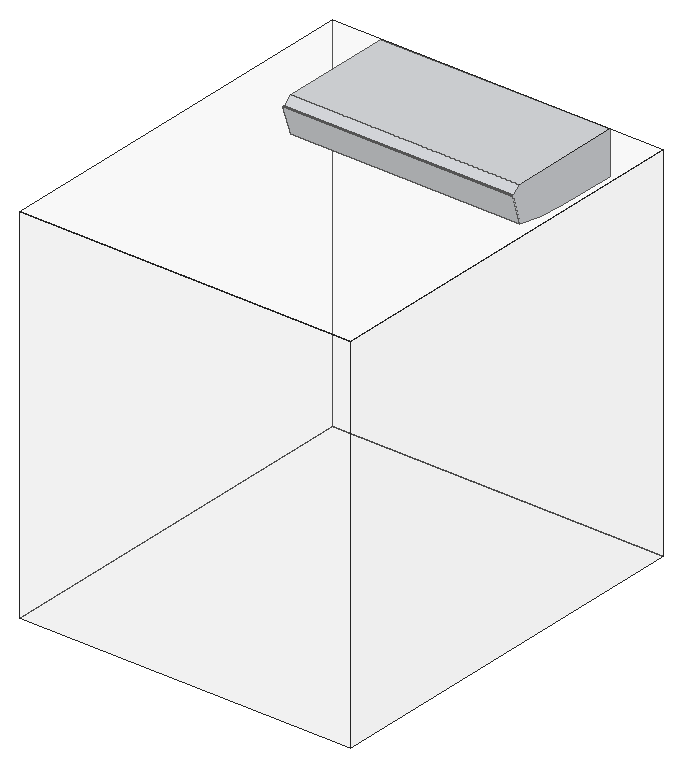
Revit family "pczg-p2_5mka13_60hz", category 機械設備, Revit 2019
Family settings
  丸型コネクタ寸法 = 直径を使用
  パーツ タイプ = 標準
  OmniClass 番号 = 23.75.10.24.21.27.27
  OmniClass タイトル = Split System Air Conditioning Units
  作業面ベース = いいえ
  常に垂直 = はい
  ロード時にボイドで切り取り = いいえ
  共有 = いいえ
  部屋計算ポイント = はい
Parameters (values of type "天吊_PCZG-P2MKA13")
  風量（弱）（m3／min） = 13
  風量（中2）（m3／min） = 14
  風量（中1）（m3／min） = 15
  風量（m3／min） = 17
  風量 = MAX風量  # 1020.0 m³/h
  音響パワーレベル（弱）(dB) = 49
  音響パワーレベル（中2）(dB) = 51
  音響パワーレベル（中1）(dB) = 53
  音響パワーレベル(dB) = 55
  電源種別 = ""
  電源_H = 0 mm
  電圧 = 200 V
  電動機出力_送風機 = 0.095 kW
  運転質量 = 0.00 kg
  連動 = ""
  質量 = if(製品質量 > 運転質量, 製品質量, 運転質量) * 1.2  # 37.20 kg
  負荷分類 = 3_ファン類
  説明 = "店舗・事務所用パッケージエアコン(Mr.SLIM) [本体] 天吊形室内機"
  設計暖房能力 = 0.00 kW
  設計冷房能力_顕熱 = 0 kW
  設計冷房能力 = 0 kW
  設置方法 = "天井吊形"
  記号 = ""
  製造元 = "三菱電機株式会社"
  製品質量 = 31.00 kg
  製品出荷対象 = "国内"
  製品リリース年月 = ""
  製品グループ = ""
  背面_液管接続口 = 184 mm
  背面_ドレン管接続口 = 233 mm
  背面_ガス管接続口 = 203 mm
  系統 = ""
  符号 = "ACP-CR"
  積算_科目 = "1 空気調和設備"
  積算_拾い区分 [instance] = ""
  相 = 1
  盤記号 = ""
  発停方法 = "付属スイッチ"
  特殊仕様 = ""
  点検口離隔 [instance] = if(点検口離隔入力値 > 200 mm, 200 mm, if(点検口離隔入力値 < 150 mm, 150 mm, 点検口離隔入力値))  # 150 mm
  点検口離隔入力値 [instance] = 0 mm
  点検口設置範囲 = 0 mm
  点検口 = yes
  火災停止 = ""
  消費電力_暖房 = 0.06 kW
  消費電力_冷房 = 0.07 kW
  消費電力 = if(消費電力_冷房 > 消費電力_暖房, 消費電力_冷房, 消費電力_暖房)  # 0.07 kW
  法定耐用年数 = "6"
  極数 = 1
  材質 = ""
  本体マテリアル = none
  有効加湿量 = 0
  暖房能力 = 5.60 kW
  推奨ブレーカー容量 = 15 A
  形式_加湿器 = ""
  形式 = "天井吊（露出）形"
  幹線記号 = ""
  始動方式 = "直入"
  呼称 = "室内機_天井吊(露出)形"
  周波数 = 60 Hz
  吊り位置Y = 320 mm
  吊り位置X = 1237 mm
  吊りボルト_H = 50 mm
  台数_手元リモコン = ""
  台数_冷媒分岐ユニット = ""
  参照している仕様書等のバージョン = "公共建築物標準仕様書（機械設備工事編）平成31年度版"
  加湿給水管径 = 0 mm
  分類コード = "50053003221080"
  分類グループ = ""
  冷房能力 = 4.9 kW
  冷媒高低圧ガス管径 = 0 mm
  冷媒管径符号 = "Ac"
  冷媒管径 = 100 mm
  冷媒液管高さ = 126 mm
  冷媒液管径 = 6.4 mm
  冷媒ガス管高さ = 126 mm
  冷媒ガス管径 = 12.7 mm
  価格 = 0
  企業コード = "108420"
  付属品_フィルター = ""
  付属品 = ""
  仕様書バージョン = "Version1.0"
  モデル = "PCZG-P2MKA13"
  パネルマテリアル = none
  ドレン管高さ = 190 mm
  ドレン管径 (外径) = 26 mm
  ドレン管径 = 20 mm
  サービススペース = yes
  コメント [instance] = ""
  ケーブル種類1 = ""
  ケーブルサイズ1 = 1.6 mm
  【値が 0 の項目は組合せ形名にてご確認ください】 = ""
  Width = 1280 mm
  Version = ""
  Uniclass2015Version = "Systems v1.9"
  Uniclass2015Title = "Split coil remote air cooled condensing units"
  Uniclass2015Code = "Pr_70_65_03_84"
  URL = "https://www.mitsubishielectric.co.jp/ldg/wink/ssl/displayProduct.do?pid=311374&ccd=20201061"
  SpecificationReference = ""
  SpecificationDescription = ""
  Revision = ""
  ProductInformation = ""
  OmniClassCode = "23-33 17 13 11"
  MIN風量 = 風量（弱）（m3／min） * 60.0 m³/h  # 780.0 m³/h
  MID風量2 = 風量（中2）（m3／min） * 60.0 m³/h  # 840.0 m³/h
  MID風量 = 風量（中1）（m3／min） * 60.0 m³/h  # 900.0 m³/h
  MAX風量 = 風量（m3／min） * 60.0 m³/h  # 1020.0 m³/h
  IfcTypeProduct = ""
  IfcProduct = ""
  IfcExportType = "AIRCONDITIONINGUNIT"
  IfcExportAs = "IfcUnitaryEquipmentType"
  Height_本体 = 230 mm
  Height = Height_本体 + 6 mm  # 236 mm
  Depth = 680 mm
  Clearance Top = 1 mm
  Clearance Right = 300 mm
  Clearance Left = 270 mm
  Clearance Front = 1500 mm
  Clearance Bottom = 1800 mm
  Clearance Back = 0 mm
  Author = "三菱電機株式会社"
Types (5, lengths in mm): name | 風量（弱）（m3／min） | 風量（中2）（m3／min） | 風量（中1）（m3／min） | 風量（m3／min） | 風量 | 音響パワーレベル（弱）(dB) | 音響パワーレベル（中2）(dB) | 音響パワーレベル（中1）(dB) | 音響パワーレベル(dB) | 電動機出力_送風機 | 質量 | 製品質量 | 背面_液管接続口 | 背面_ガス管接続口 | 消費電力_暖房 | 消費電力_冷房 | 消費電力 | 暖房能力 | 推奨ブレーカー容量 | 吊り位置X | 冷房能力 | 冷媒管径符号 | 冷媒液管径 | 冷媒ガス管径 | モデル | Width | URL | MIN風量 | MID風量2 | MID風量 | MAX風量
  (no name) | 13 | 14 | 15 | 17 | 1020.0 m³/h | 49 | 51 | 53 | 55 | 0.095 kW | 37.20 kg | 31.00 kg | 184 | 203 | 0.06 kW | 0.07 kW | 0.07 kW | 5.60 kW | 15 A | 1237 | 4.9 kW | "Ac" | 6.4 | 12.7 | "PCZG-P2MKA13" | 1280 | "https://www.mitsubishielectric.co.jp/ldg/wink/ssl/displayProduct.do?pid=311374&ccd=20201061" | 780.0 m³/h | 840.0 m³/h | 900.0 m³/h | 1020.0 m³/h
  天吊_PCZG-P3MKA13 | 26 | 28 | 32 | 35 | 2100.0 m³/h | 54 | 57 | 59 | 62 | 0.16 kW | 43.20 kg | 36.00 kg | 180 | 200 | 0.20 kW | 0.19 kW | 0.20 kW | 9.00 kW | 20 A | 1557 | 8 kW | "Bd" | 9.5 | 15.9 | "PCZG-P3MKA13" | 1600 | "https://www.mitsubishielectric.co.jp/ldg/wink/ssl/displayProduct.do?pid=311375&ccd=20201061" | 1560.0 m³/h | 1680.0 m³/h | 1920.0 m³/h | 2100.0 m³/h
  天吊_PCZG-P2MKA13 | 13 | 14 | 15 | 17 | 1020.0 m³/h | 49 | 51 | 53 | 55 | 0.095 kW | 37.20 kg | 31.00 kg | 184 | 203 | 0.06 kW | 0.07 kW | 0.07 kW | 5.60 kW | 15 A | 1237 | 4.9 kW | "Ac" | 6.4 | 12.7 | "PCZG-P2MKA13" | 1280 | "https://www.mitsubishielectric.co.jp/ldg/wink/ssl/displayProduct.do?pid=311374&ccd=20201061" | 780.0 m³/h | 840.0 m³/h | 900.0 m³/h | 1020.0 m³/h
  天吊_PCZG-P4MKA13 | 28 | 31 | 33 | 35 | 2100.0 m³/h | 58 | 59 | 62 | 64 | 0.16 kW | 45.60 kg | 38.00 kg | 180 | 200 | 0.22 kW | 0.21 kW | 0.22 kW | 11.20 kW | 30 A | 1557 | 10 kW | "Bd" | 9.5 | 15.9 | "PCZG-P4MKA13" | 1600 | "https://www.mitsubishielectric.co.jp/ldg/wink/ssl/displayProduct.do?pid=311376&ccd=20201061" | 1680.0 m³/h | 1860.0 m³/h | 1980.0 m³/h | 2100.0 m³/h
  天吊_PCZG-P5MKA13 | 28 | 31 | 33 | 35 | 2100.0 m³/h | 58 | 59 | 62 | 65 | 0.16 kW | 46.80 kg | 39.00 kg | 180 | 200 | 0.22 kW | 0.21 kW | 0.22 kW | 14.00 kW | 30 A | 1557 | 11.1 kW | "Bd" | 9.5 | 15.9 | "PCZG-P5MKA13" | 1600 | "https://www.mitsubishielectric.co.jp/ldg/wink/ssl/displayProduct.do?pid=311377&ccd=20201061" | 1680.0 m³/h | 1860.0 m³/h | 1980.0 m³/h | 2100.0 m³/h
Reference planes
  plane 1 "中心(正面/背面)": y = 0
  plane 2: z = 0
  plane 3 "中心(左/右)": x = 0
  plane 4: z = 236
  plane 5: y = 260
  plane 6: y = -60
  plane 7: y = 340
  plane 8: y = -340
  plane 9: x = -640
  plane 10: x = 640
  plane 11: x = -910
  plane 12: x = 940
  plane 13 "back": y = 340
  plane 14: y = -1840
  plane 15: z = 237
  plane 16: z = -1800
  plane 17: x = 554
  plane 18: x = 469
  plane 19: z = 110
  plane 20 "液管": y = 156
  plane 21: y = 340
  plane 22 "ガス管": y = 137
  plane 23 "ドレン管": y = 107
  plane 24: x = 502
  plane 25: z = 46
  plane 26: x = -565
  plane 27: x = 511.5
Forms (mm)
  Extrusion 1, solid, detail levels fine
    sketch origin (0, 156, 0) x (0, 0, -1) y (1, 0, 0)
      loop
        circle (-110, 469) r 3.175
    from 0 to 100
  Extrusion 2, solid, detail levels fine
    sketch origin (0, 137, 0) x (0, 0, -1) y (1, 0, 0)
      loop
        circle (-110, 554) r 6.35
    from 0 to 100
  Extrusion 3, solid, detail levels fine
    sketch origin (0, 107, 0) x (0, 0, -1) y (1, 0, 0)
      loop
        circle (-46, 502) r 13
    from 0 to 100
  Extrusion 4, solid, detail levels fine
    sketch origin (0, 107, 0) x (0, 0, -1) y (1, 0, 0)
      loop
        circle (-46, -565) r 13
    from 0 to 100
  Extrusion 5, solid, detail levels fine
    sketch origin (0, 137, 0) x (0, 0, -1) y (1, 0, 0)
      loop
        circle (-110, 511.5) r 50
    from 0 to 120
Dimensions and locks
  "吊り位置Y": plane 6 to plane 5
  equal spacing: plane 8, plane 1 "中心(正面/背面)", plane 7
  "Depth": plane 8 to plane 7
  equal spacing: plane 9, plane 3 "中心(左/右)", plane 10
  "Width": plane 9 to plane 10
  "Clearance Back": plane 7 to plane 13 "back"
  "Clearance Front": plane 14 to plane 8
  "Clearance Right": plane 10 to plane 12
  "Clearance Left": plane 11 to plane 9
  "Height": plane 4 to level
  locked: plane 5 to plane 7 at 80
  "Clearance Bottom": level to plane 16
  "Clearance Top": plane 15 to plane 4
  plane 10 to plane 9 = 1280 mm
  "背面_液管接続口": plane 20 "液管" to plane 21
  "背面_ガス管接続口": plane 22 "ガス管" to plane 21
  "背面_ドレン管接続口": plane 23 "ドレン管" to plane 21
  "冷媒ガス管高さ": plane 4 to plane 19
  "ドレン管高さ": plane 4 to plane 25
  plane 17 to plane 27 to plane 18 = 42.5 mm, 42.5 mm
  locked: plane 10 to plane 17 at 86
  locked: plane 17 to plane 18 at 85
  locked: plane 10 to plane 24 at 138
  locked: plane 26 to plane 9 at 75
  diameter of Extrusion 2 = 12.7 mm
  diameter of Extrusion 1 = 6.35 mm
  "ドレン管径 (外径)": diameter of Extrusion 3
  "ドレン管径 (外径)": diameter of Extrusion 4
  aligned and locked: level to plane 2
  aligned and locked: nested 2 to plane 5
  aligned and locked: plane 6 to nested 2
  aligned and locked: nested 1 to plane 11
  aligned and locked: nested 1 to plane 12
  aligned and locked: plane 14 to nested 1
  aligned and locked: plane 13 "back" to nested 1
  aligned and locked: plane 15 to nested 1
  aligned and locked: plane 1 "中心(正面/背面)" to nested 3
  aligned and locked: plane 3 "中心(左/右)" to nested 3
  aligned and locked: plane 16 to nested 1
  aligned and locked: Extrusion 1 to plane 20 "液管"
  aligned and locked: Extrusion 2 to plane 22 "ガス管"
  aligned and locked: Extrusion 3 to plane 23 "ドレン管"
  aligned and locked: Extrusion 4 to plane 23 "ドレン管"
Automatic sketch dimensions
  Extrusion 1 sketch curve to plane 18 = 0 mm
  Extrusion 1 sketch curve to plane 19 = 0 mm
  Extrusion 2 sketch curve to plane 17 = 0 mm
  Extrusion 2 sketch curve to plane 19 = 0 mm
  Extrusion 3 sketch curve to plane 24 = 0 mm
  Extrusion 3 sketch curve to plane 25 = 0 mm
  Extrusion 4 sketch curve to plane 25 = 0 mm
  Extrusion 4 sketch curve to plane 26 = 0 mm
  Extrusion 5 sketch curve to plane 19 = 0 mm
  Extrusion 5 sketch curve to plane 27 = 0 mm
  radius of Extrusion 1 sketch curve = 3.175 mm
  radius of Extrusion 2 sketch curve = 6.35 mm
  radius of Extrusion 3 sketch curve = 13 mm
  radius of Extrusion 4 sketch curve = 13 mm
  radius of Extrusion 5 sketch curve = 50 mm
Nested families
  nested 1: "サービススペース" at (15, -750, -781.5), visible <- "サービススペース", type "サービススペース"
    with Width 1850 mm, Height 2037 mm, Depth 2180 mm
  nested 2: "固定点" at (-458.5, -60, 0), type "固定点"
    with W 917 mm, D 320 mm
  nested 3: "PCFY-P-KMG" at (0, 0, 0), type "PCFY-P-KMG", detail levels fine
    with 冷媒配管サイズ 6.4 mm, 吊りボルト-W 1237 mm, 幅さ 1280 mm
Connectors
  electrical at (356, 339, 206), driven by "極数", driven by "負荷分類", driven by "電圧", driven by "消費電力"
    settings: on nested 3, index 1, voltage 200 V, apparent load 70 VA, apparent load phase1 0 VA, apparent load phase2 0 VA, apparent load phase3 0 VA, power factor 1, load classification "3_ファン類", number of poles 1, system type 30, power factor state 1, is connector primary yes, connector utility no, sub classification motor no, connector description ""
  piping at (511.5, 137, 110), diameter 100, driven by "冷媒管径"
    settings: on Extrusion 5, index 2, connector inside diameter 609.6 mm, connector length 0 mm, flow factor 0, pipe flow 0.0 L/s, pressure drop 0.0 Pa, fitting loss kfactor 0, connector angle 0.00°, fixture units 0, engagement length 0 mm, angle of deflection 0.00°, flow configuration 1, flow direction 1, fitting loss method 4, system type 7, joint type 0, gender type 0, connector reference index -1, connector utility 0, adjustable connector no, is connector primary yes, connector description "冷媒管"
  piping at (502, 107, 46), diameter 20, driven by "ドレン管径"
    settings: on Extrusion 3, index 3, connector inside diameter 609.6 mm, connector length 0 mm, flow factor 0, pipe flow 0.0 L/s, pressure drop 0.0 Pa, fitting loss kfactor 0, connector angle 0.00°, fixture units 0, engagement length 0 mm, angle of deflection 0.00°, flow configuration 1, flow direction 2, fitting loss method 0, system type 16, joint type 0, gender type 0, connector reference index -1, connector utility 0, adjustable connector no, is connector primary no, connector description "ドレン管1"
  piping at (-565, 107, 46), diameter 20, driven by "ドレン管径"
    settings: on Extrusion 4, index 4, connector inside diameter 609.6 mm, connector length 0 mm, flow factor 0, pipe flow 0.0 L/s, pressure drop 0.0 Pa, fitting loss kfactor 0, connector angle 0.00°, fixture units 0, engagement length 0 mm, angle of deflection 0.00°, flow configuration 1, flow direction 2, fitting loss method 0, system type 16, joint type 0, gender type 0, connector reference index -1, connector utility 0, adjustable connector no, is connector primary no, connector description "ドレン管2"
Definition of nested family "サービススペース"
  Parameters (values of type "サービススペース")
    Width [instance] = 500 mm
    Height [instance] = 500 mm
    Depth [instance] = 500 mm
  Reference planes
    plane 1 "中心(正面/背面)": y = 0
    plane 2: z = 0
    plane 3 "中心(左/右)": x = 0
    plane 4: y = -250
    plane 5: x = 250
    plane 6: y = 250
    plane 7: x = -250
    plane 8: z = 250
    plane 9: z = -250
  Forms (mm)
    Extrusion 1, solid
      sketch origin (-638.939, 0, 72.39) x (1, 0, 0) y (0, 1, 0)
        loop
          line (388.939, 250) -> (388.939, -250) -> (888.939, -250) -> (888.939, 250) -> (388.939, 250)
      from -322.39 to 177.61
  Lines and regions (mm)
    symbolic lines
      curve 1: line (-250, 0, 250) -> (250, 0, 250)
      curve 2: line (-250, 0, -250) -> (-250, 0, 250)
      curve 3: line (250, 0, -250) -> (-250, 0, -250)
      curve 4: line (250, 0, 250) -> (250, 0, -250)
      curve 5: line (0, -250, 250) -> (0, 250, 250)
      curve 6: line (0, -250, -250) -> (0, -250, 250)
      curve 7: line (0, 250, -250) -> (0, -250, -250)
      curve 8: line (0, 250, 250) -> (0, 250, -250)
      curve 9: line (-250, 250, 0) -> (250, 250, 0)
      curve 10: line (-250, -250, 0) -> (-250, 250, 0)
      curve 11: line (250, -250, 0) -> (-250, -250, 0)
      curve 12: line (250, 250, 0) -> (250, -250, 0)
  Dimensions and locks
    equal spacing: plane 7, plane 3 "中心(左/右)", plane 5
    equal spacing: plane 4, plane 1 "中心(正面/背面)", plane 6
    "Depth": plane 4 to plane 6
    "Width": plane 7 to plane 5
    equal spacing: plane 8, plane 2, plane 9
    "Height": plane 8 to plane 9
    aligned and locked: plane 9 to curve 3
    aligned and locked: plane 7 to curve 2
    aligned and locked: curve 4 to plane 5
    aligned and locked: plane 5 to Extrusion 1
    aligned and locked: Extrusion 1 to plane 7
    aligned and locked: Extrusion 1 to plane 9
    aligned and locked: plane 8 to Extrusion 1
    aligned and locked: plane 9 to curve 7
  Automatic sketch dimensions
    plane 4 to Extrusion 1 sketch curve = 0 mm
    Extrusion 1 sketch curve to plane 7 = 0 mm
    Extrusion 1 sketch curve to plane 5 = 0 mm
    plane 6 to Extrusion 1 sketch curve = 0 mm
    curve 2 to plane 8 = 0 mm
    plane 4 to curve 11 = 0 mm
    curve 11 to plane 7 = 0 mm
    curve 11 to plane 5 = 0 mm
    plane 6 to curve 10 = 0 mm
    curve 7 to plane 4 = 0 mm
    curve 7 to plane 6 = 0 mm
    curve 6 to plane 8 = 0 mm
Definition of nested family "PCFY-P-KMG"
  Parameters (values of type "PCFY-P-KMG")
    配線取出口サイズ = 22 mm
    配線取出口-Z = 0 mm
    配線取出口-Y = 0 mm
    配線取出口-X = 0 mm
    液配管サイズ = 100 mm
    高さ = 236 mm
    奥行き = 680 mm
    吊りボルト_H = 50 mm
    冷媒配管サイズ = 6.35 mm
    冷媒液管径-Z = 0 mm
    冷媒液管径-Y = 0 mm
    冷媒液管径-X = 0 mm
    冷媒ガス管径-Z = 0 mm
    冷媒ガス管径-Y = 0 mm
    冷媒ガス管径-X = 0 mm
    吊りボルト-W = 917 mm
    マテリアル = none
    ドレン配管サイズ = 26 mm
    ドレン管径-Z = 0 mm
    ドレン管径-Y = 0 mm
    ドレン管径-X = 0 mm
    ガス配管サイズ = 12.7 mm
    吊りボルト-D = 320 mm
    幅さ = 960 mm
  Reference planes
    plane 1 "中心(正面/背面)": y = 0
    plane 2: z = 0
    plane 3 "中心(左/右)": x = 0
    plane 4: z = 236
    plane 5: x = -480
    plane 6: x = 480
    plane 7: y = 340
    plane 8: y = -340
    plane 9: y = -289
    plane 10: y = -330
    plane 11: y = -335
    plane 12: z = 84
    plane 13: z = 172
    plane 14: z = 195
    plane 15: z = 200
    plane 16: z = 40
    plane 17: x = -426.5
    plane 18: x = 426.5
    plane 19: y = -136
    plane 20: y = -193
    plane 21: y = 86
    plane 22: z = 110
    plane 23: x = -469
    plane 24: y = 156
    plane 25: y = 137
    plane 26: y = 94
    plane 27: x = -158
    plane 28: z = 206
    plane 29: x = 196
    plane 30: x = 158
    plane 31: y = 140
  Forms (mm)
    Extrusion 1, solid, material <- "マテリアル"
      sketch origin (480, 1296.25, 1200) x (0, 1, 0) y (0, 0, 1)
        loop
          line (-1585.25, -964) -> (-1626.25, -1000) -> (-1631.25, -1000) -> (-1636.25, -1005) -> (-1585.25, -1160)
          arc (-1585.25, -1160) -> (-1442.128, -1189.953) -> (-1296.25, -1200) r 1064.013
          line (-1296.25, -1200) -> (-956.25, -1200) -> (-956.25, -964) -> (-1585.25, -964)
      from -960 to 0
    Extrusion 2, solid, material <- "マテリアル"
      sketch origin (674, 0, 0) x (1, 0, 0) y (0, 0, 1)
        loop
          circle (-478, 206) r 11
      from -339 to -340
    Extrusion 3, solid, material <- "マテリアル"
      sketch origin (636, 0, 0) x (1, 0, 0) y (0, 0, 1)
        loop
          circle (-478, 206) r 11
      from -339 to -340
    Extrusion 4, solid, material <- "マテリアル"
      sketch origin (674, 0, -169) x (1, 0, 0) y (0, 0, 1)
        loop
          circle (-478, 206) r 11
      from -339 to -340
    Extrusion 5, solid, material <- "マテリアル"
      sketch origin (636, 0, -169) x (1, 0, 0) y (0, 0, 1)
        loop
          circle (-478, 206) r 11
      from -339 to -340
  Lines and regions (mm)
    model lines
      curve 1: line (426.5, -303.59, 84.341) -> (426.5, -332.355, 171.766)
      curve 2: line (426.5, -332.355, 171.766) -> (-426.5, -332.355, 171.766)
      curve 3: line (-426.5, -303.59, 84.341) -> (426.5, -303.59, 84.341)
      curve 4: line (-426.5, -332.355, 171.766) -> (-426.5, -303.59, 84.341)
      curve 5: line (-426.5, 310, 0) -> (-426.5, 86, 0)
      curve 6: line (426.5, 310, 0) -> (426.5, 86, 0)
      curve 7: line (426.5, 310, 0) -> (-426.5, 310, 0)
      curve 8: line (426.5, 86, 0) -> (-426.5, 86, 0)
      curve 9: line (426.5, 294, 0) -> (-426.5, 294, 0)
      curve 10: line (426.5, 278, 0) -> (-426.5, 278, 0)
      curve 11: line (426.5, 262, 0) -> (-426.5, 262, 0)
      curve 12: line (426.5, 246, 0) -> (-426.5, 246, 0)
      curve 13: line (426.5, 230, 0) -> (-426.5, 230, 0)
      curve 14: line (426.5, 214, 0) -> (-426.5, 214, 0)
      curve 15: line (426.5, 198, 0) -> (-426.5, 198, 0)
      curve 16: line (426.5, 182, 0) -> (-426.5, 182, 0)
      curve 17: line (426.5, 166, 0) -> (-426.5, 166, 0)
      curve 18: line (426.5, 150, 0) -> (-426.5, 150, 0)
      curve 19: line (426.5, 134, 0) -> (-426.5, 134, 0)
      curve 20: line (426.5, 118, 0) -> (-426.5, 118, 0)
      curve 21: line (426.5, 102, 0) -> (-426.5, 102, 0)
  Dimensions and locks
    equal spacing: plane 8, plane 1 "中心(正面/背面)", plane 7
    "奥行き": plane 8 to plane 7
    equal spacing: plane 5, plane 3 "中心(左/右)", plane 6
    "幅さ": plane 5 to plane 6
    "高さ": plane 4 to level
    locked: plane 8 to plane 11 at 5
    locked: plane 8 to plane 10 at 10
    locked: plane 8 to plane 9 at 51
    locked: plane 12 to level at 84
    locked: plane 14 to level at 195
    locked: plane 15 to level at 200
    locked: plane 16 to level at 40
    plane 17 to plane 18 = 853 mm
    locked: plane 5 to plane 17 at 53.5
    locked: plane 18 to plane 6 at 53.5
    locked: plane 13 to plane 12 at 88
    locked: plane 20 to plane 19 at 57
    locked: plane 19 to plane 7 at 476
    locked: plane 21 to plane 7 at 254
    locked: plane 4 to plane 22 at 126
    locked: plane 26 to plane 7 at 246
    locked: plane 24 to plane 7 at 184
    locked: plane 25 to plane 7 at 203
    locked: plane 5 to plane 27 at 322
    locked: plane 4 to plane 28 at 30
    plane 6 to plane 29 = 284 mm
    plane 29 to plane 30 = 38 mm
    "配線取出口サイズ": diameter of Extrusion 2 sketch curve
    "配線取出口サイズ": diameter of Extrusion 3 sketch curve
    "配線取出口サイズ": diameter of Extrusion 4 sketch curve
    "配線取出口サイズ": diameter of Extrusion 5 sketch curve
    aligned and locked: level to plane 2
    aligned and locked: Extrusion 1 sketch curve to plane 4
    aligned and locked: Extrusion 1 sketch curve to plane 7
    aligned and locked: Extrusion 1 sketch curve to level
    aligned and locked: plane 15 to Extrusion 1 sketch curve
    aligned and locked: plane 14 to Extrusion 1 sketch curve
    aligned and locked: plane 16 to Extrusion 1 sketch curve
    aligned and locked: Extrusion 1 to plane 5
    aligned and locked: plane 6 to Extrusion 1
    aligned and locked: curve 4 to plane 17
    aligned and locked: plane 18 to curve 1
    aligned and locked: curve 5 to plane 17
    aligned and locked: curve 6 to plane 18
    aligned and locked: curve 8 to plane 21
    aligned and locked: plane 28 to Extrusion 2 sketch curve
    aligned and locked: plane 7 to Extrusion 2
  Automatic sketch dimensions
    plane 7 to curve 7 = 30 mm
    curve 21 to plane 26 = 8 mm
    curve 21 to curve 20 = 16 mm
    plane 25 to curve 19 = 3 mm
    plane 24 to curve 18 = 6 mm
    curve 17 to plane 24 = 10 mm
    curve 17 to curve 16 = 16 mm
    curve 16 to curve 15 = 16 mm
    curve 15 to curve 14 = 16 mm
    curve 14 to curve 13 = 16 mm
    curve 13 to curve 12 = 16 mm
    curve 12 to curve 11 = 16 mm
    curve 11 to curve 10 = 16 mm
    curve 10 to curve 9 = 16 mm
    Extrusion 1 sketch curve to plane 8 = 0 mm
    Extrusion 1 sketch curve to plane 11 = 0 mm
    Extrusion 1 sketch curve to plane 10 = 0 mm
    Extrusion 1 sketch curve to plane 9 = 0 mm  (x2)
    Extrusion 1 sketch curve to plane 1 "中心(正面/背面)" = 0 mm
    Extrusion 1 to curve 1 = 24.459 mm
    curve 3 to Extrusion 1 = 46.68 mm
    Extrusion 1 to curve 4 = 53.5 mm
    Extrusion 1 to curve 3 = 53.5 mm
    Extrusion 2 sketch curve to plane 29 = 0 mm
    Extrusion 3 sketch curve to plane 28 = 0 mm
    Extrusion 3 sketch curve to plane 30 = 0 mm
    Extrusion 4 sketch curve to plane 29 = 0 mm
    Extrusion 4 sketch curve to plane 16 = 3 mm
    Extrusion 5 sketch curve to plane 30 = 0 mm
    Extrusion 5 sketch curve to plane 16 = 3 mm
Definition of nested family "固定点"
  Parameters (values of type "固定点")
    中心円 = 20 mm
    W [instance] = 1000 mm
    D [instance] = 1000 mm
  Reference planes
    plane 1 "中心(正面/背面)": y = 0
    plane 2: z = 0
    plane 3 "中心(左/右)": x = 0
    plane 4: x = 1000
    plane 5: y = 1000
  Lines and regions (mm)
    symbolic lines, detail levels fine
      curve 1: circle (0, 1000, 0) r 10 normal (0, 0, 1)
      curve 2: circle (0, 0, 0) r 10 normal (0, 0, 1)
      curve 3: circle (1000, 1000, 0) r 10 normal (0, 0, 1)
      curve 4: circle (1000, 0, 0) r 10 normal (0, 0, 1)
      curve 5: line (-200, 1000, 0) -> (1200, 1000, 0)
      curve 6: line (-200, 0, 0) -> (1200, 0, 0)
      curve 7: line (0, 1200, 0) -> (0, -200, 0)
      curve 8: line (1000, 1200, 0) -> (1000, -200, 0)
  Dimensions and locks
    "W": plane 3 "中心(左/右)" to plane 4
    "D": plane 1 "中心(正面/背面)" to plane 5
    "中心円": diameter of curve 1
    "中心円": diameter of curve 2
    "中心円": diameter of curve 3
    "中心円": diameter of curve 4
    aligned and locked: level to plane 2
    aligned and locked: plane 5 to curve 1
    aligned and locked: plane 3 "中心(左/右)" to curve 1
    aligned and locked: plane 3 "中心(左/右)" to curve 2
    aligned and locked: plane 1 "中心(正面/背面)" to curve 2
    aligned and locked: plane 4 to curve 3
    aligned and locked: plane 5 to curve 3
    aligned and locked: plane 1 "中心(正面/背面)" to curve 4
    aligned and locked: plane 4 to curve 4
    aligned and locked: plane 1 "中心(正面/背面)" to curve 6
    aligned and locked: curve 7 to plane 3 "中心(左/右)"
    aligned and locked: curve 8 to plane 4
  Automatic sketch dimensions
    curve 5 to plane 5 = 0 mm
    curve 6 to plane 3 "中心(左/右)" = 200 mm
    curve 5 to plane 3 "中心(左/右)" = 200 mm
    curve 4 to curve 6 = 200 mm
    curve 3 to curve 5 = 200 mm
    plane 1 "中心(正面/背面)" to curve 8 = 200 mm
    plane 1 "中心(正面/背面)" to curve 7 = 200 mm
    curve 3 to curve 8 = 200 mm
    curve 1 to curve 7 = 200 mm
